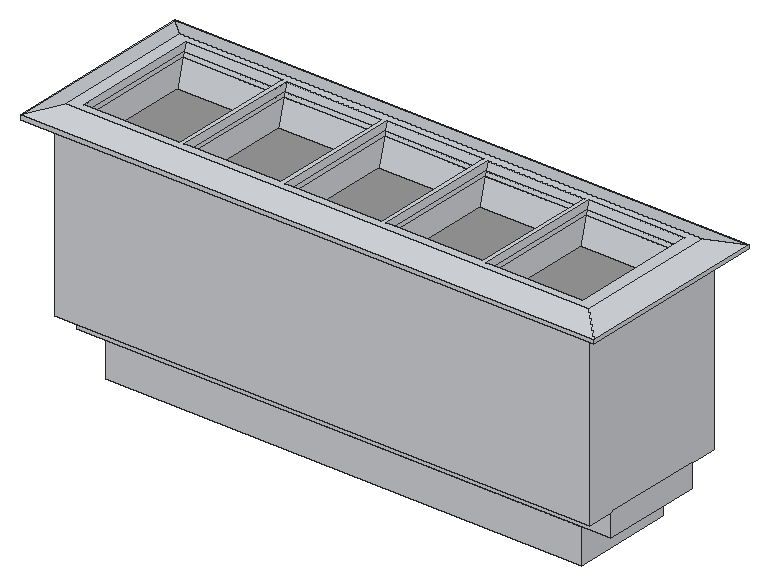
Revit family "2061147 Sylvania Lighting Fixture DOMINO 5xLED 930 BLACK MB TRIM BLACK", category Lighting Fixtures, host Face, Revit 2018
Family settings
  Host = Face
  Round Connector Dimension = Use Diameter
  Part Type = Normal
  OmniClass Number = 23.80.70.00
  OmniClass Title = Lighting
  Cut with Voids When Loaded = No
  Light Source = Yes
  Shared = No
  Room Calculation Point = No
Parameters (values of type "2061147 DOMINO 5XLED 930 BLACK MB TR BLK ")
  top top width = 15.812 mm
  top top length = 123 mm
  Width = 50 mm
  Weight = "n/a"
  Wattage Comments = ""
  Wattage = 9.2903 W
  WarrantyStartDate [instance] = "n/a"
  WarrantyGuarantorParts = "n/a"
  WarrantyDurationUnit = "n/a"
  WarrantyDurationParts = ""
  WarrantyDescription = "http://www.sylvania-lighting.com"
  built-in parameter 1150110 = 1 (stored number, unit not read)
  Voltage = 0 V
  URL = "0.6"
  TypeName = "DOMINO 5xLED 930 BLACK MB TRIM BLACK"
  Type Image = <None>
  Type Comments = "n/a"
  built-in parameter 1114217 = 1 (stored number, unit not read)
  Top Width = 26 mm
  Tilt Angle = 90.00°
  built-in parameter 1150109 = 1 (stored number, unit not read)
  built-in parameter 1150134 = 3
  built-in parameter 1150113 = 1 (stored number, unit not read)
  SerialNumber [instance] = "n/a"
  Recessed Width = 43 mm
  Recessed Length = 143 mm
  Photometric Web File = "2061147.ies"
  Material_3_FEILO = none
  PowerFactor = 0
  PowerConsumption = "Lighting"
  NominalLength = 50 mm
  NominalHeight = 0 mm
  NominalDepth = 0 mm
  Name = "DOMINO 5xLED 930 BLACK MB TRIM BLACK"
  ModelReference = Name  # "DOMINO 5xLED 930 BLACK MB TRIM BLACK"
  ModelNumber = "2061147"
  Model = Name  # "DOMINO 5xLED 930 BLACK MB TRIM BLACK"
  Material = "Feilo Sylvania"
  ManufacturerName = "58 lm/W"
  Manufacturer = ""
  LuminousEfficacy = ""
  built-in parameter 1150105 = 109.82 (stored number, unit not read)
  Lumens = 1380 lm
  LuminaireType = "0"
  built-in parameter 1150115 = 1 (stored number, unit not read)
  LightOutputRatio = "LED"
  built-in parameter 1150137 = (empty or 0)
  built-in parameter 1150139 = (empty or 0)
  Lens inside recess = 25 mm
  Lens Width = 32 mm
  Lens Outside recess = 31.978 mm
  Lens = Glass, White, High Luminance
  Length = 148 mm
  LampsType = Lamp  # "n/a"
  LampNominalLuminous = "3000 K"
  LampMacAdamStep = "90"
  LampColourTemperature = "LED"
  LampColourRenderingIndex = "16500"
  built-in parameter 1150112 = 1 (stored number, unit not read)
  built-in parameter 1150114 = 1 (stored number, unit not read)
  Lamp = "n/a"
  Keynote = "n/a"
  InstallationDate [instance] = "n/a"
  InputVoltage = "0"
  InputNominalFrequency = "3000"
  built-in parameter 1150132 = (empty or 0)
  built-in parameter 1150102 = (empty or 0)
  built-in parameter 1150107 = 3200 (stored number, unit not read)
  built-in parameter 1150138 = (empty or 0)
  IngressProtection = "IfcLightFixtureType"
  ImpactProtectionIndex = "IfcLightFixtureType"
  built-in parameter 1150106 = 1.0982 (stored number, unit not read)
  IfcExportType = "IfcLightFixtureType"
  IfcExportAs = "Class II"
  Facia internal width = 37 mm
  Facia internal length = 135 mm
  Facia Height = 2 mm
  ExpectedLife = 50000
  Emit from Circle Diameter = 609.6 mm
  Emit Shape Visible in Rendering = no
  ElectricShockClassification = "58"
  built-in parameter 1150104 = 13.8 (stored number, unit not read)
  DurationUnit = "hours"
  DocumentationLiterature = "http://www.sylvania-lighting.com/product/en-int/products/2061147"
  DimmingControlOptions = "n/a"
  Material_2_FEILO = none
  Dimming Lamp Color Temperature Shift = <None>
  Description = "Modular LED recessed linear spotlight, ideal for retail and hospitality applications. Die-cast aluminium body, passive cooling. Two levels of reflector installation, low glaring UGR<16. 5x LED source, 30° beam angle , optics: PMMA lens and polycarbonate reflector combination, Black matt reflector finish. Light color temperature: 3000K warm white, total system power: 13W , total fixture lumen output: 750lm, efficacy: 58 lm/W, Ra90 typical, LED chromacity: 3 step MacAdam ellipse (SDCM3), lifespan: 96,000 hours at 90% of the original output (L90B10), IR/UV free light source without heat radiation, operating voltage: 220-240V / 50-60Hz, electronic driver, ultra low flicker, non-dimmable , electrical protection: Class II. Degree of Protection: IP40/IP20, suitable for indoor environment only. Ceiling cut-out: 43x43mm, outer dimensions:  150x50mm trim frame RAL 9005 - Jet black color.5 years Warranty."
  Default Elevation = 1219.2 mm
  CreatedOn = "10/02/2021"
  CreatedBy = "@sylvania-lighting.com"
  Cost = 0
  Color Filter = 16777215
  built-in parameter 1114216 [instance] = (empty or 0)
  ClassificationValue = "EF_70_80"
  ClassificationName = "Uniclass2015"
  Material_1_FEILO = none
  Body Width = 40 mm
  Body Length = 138 mm
  BarCode [instance] = "n/a"
  built-in parameter 1114218 = 1 (stored number, unit not read)
  built-in parameter 1150133 = 10 (stored number, unit not read)
  AssetType = "Fixed"
  AssetIdentifier [instance] = "n/a"
  Assembly Code = "D5020200"
  Apparent Load = 13 VA
  Material_4_FEILO = none
Reference planes
  plane 1 "Center (Front/Back)": y = 0
  plane 2: z = 0
  plane 3 "Center (Left/Right)": x = 0
  plane 4: z = 0
  plane 5: z = -7
  plane 6: z = -45.895
  plane 7: z = -51.895
  plane 8: z = -60.895
  plane 9: x = -71.5
  plane 10: x = 71.5
  plane 11: y = 21.5
  plane 12: y = -21.5
  plane 13: x = -74
  plane 14: x = 74
  plane 15: y = 25
  plane 16: y = -25
  plane 17: x = 67.5
  plane 18: x = -67.5
  plane 19: y = 18.5
  plane 20: y = -18.5
  plane 21: z = 2
  plane 22: x = -69
  plane 23: x = 69
  plane 24: y = 20
  plane 25: y = -20
  plane 26: y = 13
  plane 27: y = -13
  plane 28: x = 61.5
  plane 29: x = -61.5
  plane 30: x = -65.5
  plane 31: y = 16.5
  plane 32: y = -16.472
  plane 33: x = -40.5
  plane 34: x = -41
  plane 35: x = -65
  plane 36: y = 13
  plane 37: y = -12.972
  plane 38: x = -39.5
  plane 39: x = -14.48
  plane 40: x = -13.48
  plane 41: x = 11.52
  plane 42: x = 12.52
  plane 43: x = 37.52
  plane 44: x = 38.52
  plane 45: x = 64.5
Forms (mm)
  Extrusion 1, solid, not visible, detail levels medium+fine
    sketch origin (4.2, 0, 0) x (1, 0, 0) y (0, 1, 0)
      loop
        line (-29.2, 34.5) -> (-29.2, -34.5) -> (20.8, -34.5) -> (20.8, 34.5) -> (-29.2, 34.5)
    from 0 to 1
  Extrusion 2, solid, not visible, detail levels medium+fine
    sketch origin (4.044, 0, 0) x (1, 0, 0) y (0, 1, 0)
      loop
        line (-29.2, 34.5) -> (-29.2, -34.5) -> (20.8, -34.5) -> (20.8, 34.5) -> (-29.2, 34.5)
    from 0 to 1
  Blend 3, solid, not visible, detail levels medium+fine
    base sketch origin (4.2, 0, 0) x (1, 0, 0) y (0, 1, 0)
      loop
        line (-29.2, 34.5) -> (-29.2, -34.5) -> (20.8, -34.5) -> (20.8, 34.5) -> (-29.2, 34.5)
    top sketch origin (4.2, 0, 0) x (1, 0, 0) y (0, 1, 0)
      loop
        line (-21.7, 28) -> (-21.7, -28) -> (13.3, -28) -> (13.3, 28) -> (-21.7, 28)
    from 1 to 3
  Extrusion 4, solid, not visible, detail levels medium+fine
    sketch origin (3.419, 0, 0) x (1, 0, 0) y (0, 1, 0)
      loop
        line (-29.2, 34.5) -> (-29.2, -34.5) -> (20.8, -34.5) -> (20.8, 34.5) -> (-29.2, 34.5)
    from 0 to 1
  Blend 5, solid, not visible, detail levels medium+fine
    base sketch origin (3.575, 0, 0) x (1, 0, 0) y (0, 1, 0)
      loop
        line (-29.2, 34.5) -> (-29.2, -34.5) -> (20.8, -34.5) -> (20.8, 34.5) -> (-29.2, 34.5)
    top sketch origin (3.575, 0, 0) x (1, 0, 0) y (0, 1, 0)
      loop
        line (-21.7, 28) -> (-21.7, -28) -> (13.3, -28) -> (13.3, 28) -> (-21.7, 28)
    from 1 to 3
  Extrusion 6, solid, not visible, detail levels medium+fine
    sketch origin (4.247, 0, 0) x (1, 0, 0) y (0, 1, 0)
      loop
        line (-29.2, 34.5) -> (-29.2, -34.5) -> (20.8, -34.5) -> (20.8, 34.5) -> (-29.2, 34.5)
    from 0 to 1
  Blend 7, solid, not visible, detail levels medium+fine
    base sketch origin (4.403, 0, 0) x (1, 0, 0) y (0, 1, 0)
      loop
        line (-29.2, 34.5) -> (-29.2, -34.5) -> (20.8, -34.5) -> (20.8, 34.5) -> (-29.2, 34.5)
    top sketch origin (4.403, 0, 0) x (1, 0, 0) y (0, 1, 0)
      loop
        line (-21.7, 28) -> (-21.7, -28) -> (13.3, -28) -> (13.3, 28) -> (-21.7, 28)
    from 1 to 3
  Extrusion 8, void, detail levels medium+fine
    sketch origin (4.2, 0, 0) x (0, 1, 0) y (1, 0, 0)
      loop
        line (21.5, -75.7) -> (21.5, 67.3) -> (-21.5, 67.3) -> (-21.5, -75.7) -> (21.5, -75.7)
    from -9.934 to 83.097
  Extrusion 9, solid, detail levels medium+fine
    sketch origin (4.2, 0, 0) x (1, 0, 0) y (0, 1, 0)
      loop
        line (-78.2, 25) -> (-78.2, -25) -> (69.8, -25) -> (69.8, 25) -> (-78.2, 25)
    from 0 to 1
  Extrusion 10, solid, detail levels medium+fine
    sketch origin (4.2, 0, 0) x (1, 0, 0) y (0, 1, 0)
      loop
        line (-73.2, 20) -> (-73.2, -20) -> (64.8, -20) -> (64.8, 20) -> (-73.2, 20)
    from 0 to -45.895
  Extrusion 11, solid, detail levels medium+fine
    sketch origin (4.2, 0, 0) x (1, 0, 0) y (0, 1, 0)
      loop
        line (-73.2, 13) -> (-73.2, -13) -> (64.8, -13) -> (64.8, 13) -> (-73.2, 13)
    from -51.895 to -45.895
  Extrusion 12, solid, material "Glass, White, High Luminance" <- "Lens", detail levels fine
    sketch origin (11.874, 1219.733, 36.156) x (1, 0, 0) y (0, 1, 0)
      loop
        line (-75.883, -1206.7) -> (-75.883, -1232.733) -> (-51.887, -1232.733) -> (-51.887, -1206.7) -> (-75.883, -1206.7)
    from -43.156 to -42.182
  Blend 13, solid, detail levels medium+fine
    base sketch origin (4.2, 0, 0) x (1, 0, 0) y (0, 1, 0)
      loop
        line (-78.2, 25) -> (-78.2, -25) -> (69.8, -25) -> (69.8, 25) -> (-78.2, 25)
    top sketch origin (4.2, 0, 0) x (1, 0, 0) y (0, 1, 0)
      loop
        line (-71.7, 18.5) -> (-71.7, -18.5) -> (63.3, -18.5) -> (63.3, 18.5) -> (-71.7, 18.5)
    from 1 to 3
  Extrusion 14, solid, detail levels fine
    sketch origin (0, 0, 0) x (1, 0, 0) y (0, 0, 1)
      loop
        line (-61.5, -51.895) -> (-61.5, -60.895) -> (61.5, -60.895) -> (61.5, -51.895) -> (-61.5, -51.895)
    from -13 to 13
  Blend 15, void
    base sketch origin (5.187, 0, 0) x (0, 1, 0) y (-1, 0, 0)
      loop
        line (16.5, 69.7) -> (-16.472, 69.7) -> (-16.472, 44.7) -> (16.5, 44.7) -> (16.5, 69.7)
    top sketch origin (5.187, 0, 0) x (0, 1, 0) y (-1, 0, 0)
      loop
        line (13, 69.2) -> (-12.972, 69.2) -> (-12.972, 45.2) -> (13, 45.2) -> (13, 69.2)
    from 3 to -7
  Blend 16, void
    base sketch origin (31.202, 0, 0) x (0, 1, 0) y (-1, 0, 0)
      loop
        line (16.5, 69.7) -> (-16.472, 69.7) -> (-16.472, 44.7) -> (16.5, 44.7) -> (16.5, 69.7)
    top sketch origin (31.202, 0, 0) x (0, 1, 0) y (-1, 0, 0)
      loop
        line (13, 69.2) -> (-12.972, 69.2) -> (-12.972, 45.2) -> (13, 45.2) -> (13, 69.2)
    from 3 to -7
  Blend 17, void
    base sketch origin (57.213, -0.017, 0) x (0, 1, 0) y (-1, 0, 0)
      loop
        line (16.5, 69.7) -> (-16.472, 69.7) -> (-16.472, 44.7) -> (16.5, 44.7) -> (16.5, 69.7)
    top sketch origin (57.213, -0.017, 0) x (0, 1, 0) y (-1, 0, 0)
      loop
        line (13, 69.2) -> (-12.972, 69.2) -> (-12.972, 45.2) -> (13, 45.2) -> (13, 69.2)
    from 3 to -7
  Blend 18, void
    base sketch origin (83.222, 0, 0) x (0, 1, 0) y (-1, 0, 0)
      loop
        line (16.5, 69.7) -> (-16.472, 69.7) -> (-16.472, 44.7) -> (16.5, 44.7) -> (16.5, 69.7)
    top sketch origin (83.222, 0, 0) x (0, 1, 0) y (-1, 0, 0)
      loop
        line (13, 69.2) -> (-12.972, 69.2) -> (-12.972, 45.2) -> (13, 45.2) -> (13, 69.2)
    from 3 to -7
  Blend 19, void
    base sketch origin (109.202, 0, 0) x (0, 1, 0) y (-1, 0, 0)
      loop
        line (16.5, 69.7) -> (-16.472, 69.7) -> (-16.472, 44.7) -> (16.5, 44.7) -> (16.5, 69.7)
    top sketch origin (109.202, 0, 0) x (0, 1, 0) y (-1, 0, 0)
      loop
        line (13, 69.2) -> (-12.972, 69.2) -> (-12.972, 45.2) -> (13, 45.2) -> (13, 69.2)
    from 3 to -7
  Extrusion 20, solid, material "Glass, White, High Luminance" <- "Lens", detail levels fine
    sketch origin (37.889, 1219.733, 36.156) x (1, 0, 0) y (0, 1, 0)
      loop
        line (-75.883, -1206.7) -> (-75.883, -1232.733) -> (-51.887, -1232.733) -> (-51.887, -1206.7) -> (-75.883, -1206.7)
    from -43.156 to -42.182
  Extrusion 21, solid, material "Glass, White, High Luminance" <- "Lens", detail levels fine
    sketch origin (63.896, 1219.733, 36.156) x (1, 0, 0) y (0, 1, 0)
      loop
        line (-75.883, -1206.7) -> (-75.883, -1232.733) -> (-51.887, -1232.733) -> (-51.887, -1206.7) -> (-75.883, -1206.7)
    from -43.156 to -42.182
  Extrusion 22, solid, material "Glass, White, High Luminance" <- "Lens", detail levels fine
    sketch origin (89.905, 1219.733, 36.156) x (1, 0, 0) y (0, 1, 0)
      loop
        line (-75.883, -1206.7) -> (-75.883, -1232.733) -> (-51.887, -1232.733) -> (-51.887, -1206.7) -> (-75.883, -1206.7)
    from -43.156 to -42.182
  Extrusion 23, solid, material "Glass, White, High Luminance" <- "Lens", detail levels fine
    sketch origin (115.886, 1219.733, 36.156) x (1, 0, 0) y (0, 1, 0)
      loop
        line (-75.883, -1206.7) -> (-75.883, -1232.733) -> (-51.887, -1232.733) -> (-51.887, -1206.7) -> (-75.883, -1206.7)
    from -43.156 to -42.182
  Extrusion 24, solid, detail levels coarse
    sketch origin (4.2, 0, 0) x (1, 0, 0) y (0, 1, 0)
      loop
        line (-78.2, 25) -> (-78.2, -25) -> (69.8, -25) -> (69.8, 25) -> (-78.2, 25)
    from 3 to -60.895
Cuts and joins
  Blend 15, Blend 16, Blend 17, Blend 18, Blend 19 cuts Extrusion 9
  Blend 15, Blend 16, Blend 17, Blend 18, Blend 19 cuts Extrusion 10
  Blend 15, Blend 16, Blend 17, Blend 18, Blend 19 cuts Blend 13
Dimensions and locks
  "Recessed Length": plane 9 to plane 10
  equal spacing: plane 9, plane 3 "Center (Left/Right)", plane 10
  "Length": plane 13 to plane 14
  equal spacing: plane 13, plane 3 "Center (Left/Right)", plane 14
  "Recessed Width": plane 11 to plane 12
  equal spacing: plane 11, plane 1 "Center (Front/Back)", plane 12
  "Width": plane 15 to plane 16
  equal spacing: plane 15, plane 1 "Center (Front/Back)", plane 16
  "Facia internal length": plane 18 to plane 17
  equal spacing: plane 18, plane 3 "Center (Left/Right)", plane 17
  "Facia internal width": plane 19 to plane 20
  equal spacing: plane 19, plane 1 "Center (Front/Back)", plane 20
  "Facia Height": plane 21 to host face
  "Body Length": plane 22 to plane 23
  equal spacing: plane 22, plane 3 "Center (Left/Right)", plane 23
  "Body Width": plane 24 to plane 25
  equal spacing: plane 24, plane 1 "Center (Front/Back)", plane 25
  "Top Width": plane 26 to plane 27
  equal spacing: plane 26, plane 1 "Center (Front/Back)", plane 27
  "top top length": plane 29 to plane 28
  equal spacing: plane 29, plane 3 "Center (Left/Right)", plane 28  (x2)
  plane 28 to plane 29 = 123 mm
  equal spacing: plane 28, plane 3 "Center (Left/Right)", plane 29
  aligned and locked: plane 2 to host face
  aligned and locked: level to host face
  aligned and locked: Extrusion 11 to plane 7
  aligned and locked: Extrusion 10 to plane 6
  aligned and locked: Extrusion 12 to plane 5
Automatic sketch dimensions
  Extrusion 1 sketch curve to Extrusion 1 sketch curve = 50 mm
  Extrusion 1 sketch curve to Extrusion 1 sketch curve = 69 mm
  Extrusion 2 sketch curve to Extrusion 2 sketch curve = 50 mm
  Extrusion 2 sketch curve to Extrusion 2 sketch curve = 69 mm
  Blend 3 sketch curve to Blend 3 sketch curve = 50 mm
  Blend 3 sketch curve to Blend 3 sketch curve = 69 mm
  Blend 3 sketch curve to Blend 3 sketch curve = 35 mm
  Blend 3 sketch curve to Blend 3 sketch curve = 56 mm
  Extrusion 4 sketch curve to Extrusion 4 sketch curve = 50 mm
  Extrusion 4 sketch curve to Extrusion 4 sketch curve = 69 mm
  Blend 5 sketch curve to Blend 5 sketch curve = 50 mm
  Blend 5 sketch curve to Blend 5 sketch curve = 69 mm
  Blend 5 sketch curve to Blend 5 sketch curve = 35 mm
  Blend 5 sketch curve to Blend 5 sketch curve = 56 mm
  Extrusion 6 sketch curve to Extrusion 6 sketch curve = 50 mm
  Extrusion 6 sketch curve to Extrusion 6 sketch curve = 69 mm
  Blend 7 sketch curve to Blend 7 sketch curve = 50 mm
  Blend 7 sketch curve to Blend 7 sketch curve = 69 mm
  Blend 7 sketch curve to Blend 7 sketch curve = 35 mm
  Blend 7 sketch curve to Blend 7 sketch curve = 56 mm
  host sketch curve to host sketch curve = 2438.4 mm  (x2)
  Extrusion 8 sketch curve to plane 9 = 0 mm
  Extrusion 8 sketch curve to plane 12 = 0 mm
  Extrusion 8 sketch curve to plane 11 = 0 mm
  Extrusion 8 sketch curve to plane 10 = 0 mm
  Extrusion 9 sketch curve to plane 13 = 0 mm
  Extrusion 9 sketch curve to plane 14 = 0 mm
  Extrusion 9 sketch curve to plane 16 = 0 mm
  Extrusion 9 sketch curve to plane 15 = 0 mm
  Extrusion 10 sketch curve to plane 22 = 0 mm
  Extrusion 10 sketch curve to plane 23 = 0 mm
  Extrusion 10 sketch curve to plane 25 = 0 mm
  Extrusion 10 sketch curve to plane 24 = 0 mm
  Extrusion 11 sketch curve to plane 22 = 0 mm
  Extrusion 11 sketch curve to plane 23 = 0 mm
  Extrusion 11 sketch curve to plane 27 = 0 mm
  Extrusion 11 sketch curve to plane 26 = 0 mm
  Extrusion 12 sketch curve to plane 27 = 0 mm
  plane 35 to Extrusion 12 sketch curve = 0.991 mm
  plane 26 to Extrusion 12 sketch curve = 0.033 mm
  plane 33 to Extrusion 12 sketch curve = 0.487 mm
  Blend 13 sketch curve to plane 13 = 0 mm
  Blend 13 sketch curve to plane 14 = 0 mm
  Blend 13 sketch curve to plane 16 = 0 mm
  Blend 13 sketch curve to plane 15 = 0 mm
  Blend 13 sketch curve to plane 18 = 0 mm
  Blend 13 sketch curve to plane 17 = 0 mm
  Blend 13 sketch curve to plane 20 = 0 mm
  Blend 13 sketch curve to plane 19 = 0 mm
  Extrusion 14 sketch curve to plane 8 = 0 mm
  Extrusion 14 sketch curve to plane 29 = 0 mm
  Extrusion 14 sketch curve to plane 28 = 0 mm
  Extrusion 14 sketch curve to plane 7 = 0 mm
  Blend 15 sketch curve to plane 32 = 0 mm
  Blend 15 sketch curve to plane 31 = 0 mm
  Blend 15 sketch curve to plane 38 = 0.013 mm
  plane 35 to Blend 15 sketch curve = 0.487 mm
  Blend 15 sketch curve to plane 37 = 0 mm
  Blend 15 sketch curve to plane 26 = 0 mm
  plane 33 to Blend 15 sketch curve = 0.487 mm
  plane 35 to Blend 15 sketch curve = 0.987 mm
  Blend 16 sketch curve to plane 32 = 0 mm
  Blend 16 sketch curve to plane 31 = 0 mm
  Blend 16 sketch curve to plane 40 = 0.018 mm
  plane 38 to Blend 16 sketch curve = 1.002 mm
  Blend 16 sketch curve to plane 37 = 0 mm
  Blend 16 sketch curve to plane 26 = 0 mm
  plane 39 to Blend 16 sketch curve = 0.482 mm
  plane 38 to Blend 16 sketch curve = 1.502 mm
  Blend 17 sketch curve to plane 32 = 0.017 mm
  Blend 17 sketch curve to plane 31 = 0.017 mm
  Blend 17 sketch curve to plane 42 = 0.007 mm
  plane 40 to Blend 17 sketch curve = 0.993 mm
  plane 27 to Blend 17 sketch curve = 0.011 mm
  Blend 17 sketch curve to plane 26 = 0.017 mm
  plane 41 to Blend 17 sketch curve = 0.493 mm
  plane 40 to Blend 17 sketch curve = 1.493 mm
  plane 32 to Blend 18 sketch curve = 0 mm
  plane 31 to Blend 18 sketch curve = 0 mm
  plane 44 to Blend 18 sketch curve = 0.002 mm
  plane 42 to Blend 18 sketch curve = 1.002 mm
  plane 37 to Blend 18 sketch curve = 0 mm
  plane 26 to Blend 18 sketch curve = 0 mm
  Blend 18 sketch curve to plane 44 = 0.498 mm
  plane 42 to Blend 18 sketch curve = 1.502 mm
  Blend 19 sketch curve to plane 32 = 0 mm
  Blend 19 sketch curve to plane 31 = 0 mm
  plane 45 to Blend 19 sketch curve = 0.002 mm
  plane 44 to Blend 19 sketch curve = 0.982 mm
  Blend 19 sketch curve to plane 37 = 0 mm
  Blend 19 sketch curve to plane 26 = 0 mm
  Blend 19 sketch curve to plane 45 = 0.498 mm
  plane 44 to Blend 19 sketch curve = 1.482 mm
  Extrusion 20 sketch curve to plane 27 = 0 mm
  plane 38 to Extrusion 20 sketch curve = 1.506 mm
  plane 26 to Extrusion 20 sketch curve = 0.033 mm
  plane 39 to Extrusion 20 sketch curve = 0.482 mm
  Extrusion 21 sketch curve to plane 27 = 0 mm
  plane 40 to Extrusion 21 sketch curve = 1.493 mm
  plane 26 to Extrusion 21 sketch curve = 0.033 mm
  plane 41 to Extrusion 21 sketch curve = 0.49 mm
  Extrusion 22 sketch curve to plane 27 = 0 mm
  plane 42 to Extrusion 22 sketch curve = 1.502 mm
  plane 26 to Extrusion 22 sketch curve = 0.033 mm
  plane 43 to Extrusion 22 sketch curve = 0.498 mm
  Extrusion 23 sketch curve to plane 27 = 0 mm
  plane 44 to Extrusion 23 sketch curve = 1.482 mm
  plane 26 to Extrusion 23 sketch curve = 0.033 mm
  Extrusion 23 sketch curve to plane 45 = 0.501 mm
  Extrusion 24 sketch curve to plane 13 = 0 mm
  Extrusion 24 sketch curve to plane 14 = 0 mm
  Extrusion 24 sketch curve to plane 16 = 0 mm
  Extrusion 24 sketch curve to plane 15 = 0 mm
Connectors
  electrical at (0, 0, -60.895)
    settings: on Extrusion 14, index 1, voltage 0 V, apparent load 0 VA, apparent load phase1 0 VA, apparent load phase2 0 VA, apparent load phase3 0 VA, power factor 1, load classification "Other", number of poles 1, system type 31, power factor state 1, is connector primary yes, connector utility no, sub classification motor no, connector description ""
